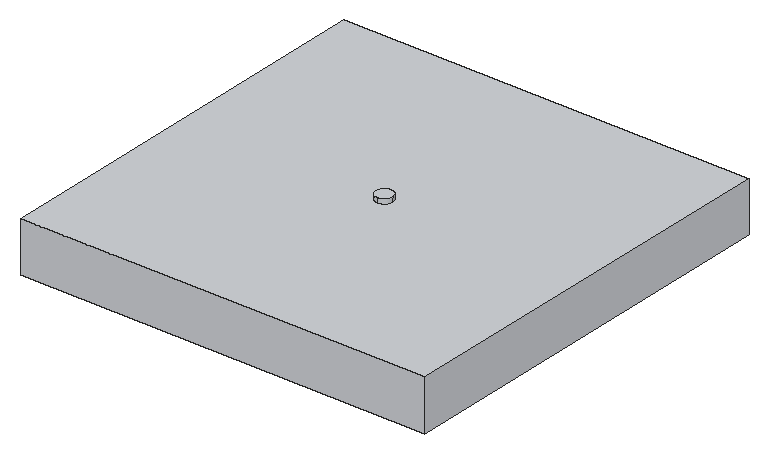
Revit family "M_Conector de tubulação - Outro - Equipamento mecânico", category Equipamento mecânico, Revit 2019
Family settings
  Hospedeiro = Face
  Cota do conector redondo = Usar raio
  Tipo de parte = Normal
  Número OmniClass = 23.65.00.00
  Título OmniClass = Supply and Distribution of Liquids and Gases
  ID de item do Seek = Pipe Connector - Other - Mechanical Equipment-0000-CAN-ENU
  Corte com vazios quando carregada = Não
  Compartilhado = Não
  Ponto de cálculo do ambiente = Não
Parameters (values of type "Padrão")
  Espessura [instance] = 25.4 mm
  Raio nominal [instance] = 50 mm
  Fluxo [instance] = 0.63 L/s
  Diâmetro nominal [instance] = Raio nominal * 2  # 100 mm
  Default Elevation = 0 mm
  Assembly Code = ""
Reference planes
  plane 1 "Centro (Frente/Trás)": y = 0
  plane 2: z = 0
  plane 3 "Centro (Esquerda/Direita)": x = 0
Forms (mm)
  Extrusion 1, solid
    sketch origin (0, 0, 0) x (1, 0, 0) y (0, 1, 0)
      loop
        line (-1219.2, 1219.2) -> (-1219.2, -1219.2) -> (1219.2, -1219.2) -> (1219.2, 1219.2) -> (-1219.2, 1219.2)
    from 0 to -304.8
  Sweep 2, solid
    path in 3D
      loop
        line (0, 0, 0) -> (0, 0, 25.4)
    profile "M_Duto - Redondo : Duto - Redondo" origin (0, 0, 12.7) x (0, -1, 0) y (1, 0, 0)
      loop
        arc (-50, 0) -> (-35.355, -35.355) -> (0, -50) r 50
        arc (0, -50) -> (35.355, -35.355) -> (50, 0) r 50
        arc (50, 0) -> (35.355, 35.355) -> (0, 50) r 50
        arc (0, 50) -> (-35.355, 35.355) -> (-50, 0) r 50
Lines and regions (mm)
  reference lines
    curve 1: line (0, 0, 0) -> (0, 0, 25.4)
  sketch lines
    curve 2: line (0, 0, 0) -> (0, 0, 25.4)
Dimensions and locks
  "Espessura": curve 1 to curve 1
  aligned and locked: plane 2 to Extrusion 1
  aligned and locked: level to Extrusion 1
  aligned and locked: Extrusion 1 to curve 1
  aligned and locked: curve 1 to plane 1 "Centro (Frente/Trás)"
Automatic sketch dimensions
  Extrusion 1 sketch curve to Extrusion 1 sketch curve = 2438.4 mm  (x2)
Connectors
  piping at (0, 0, 25.4), diameter 100, driven by "Fluxo", driven by "Raio nominal"
    settings: on Sweep 2, index 1, connector inside diameter 100 mm, connector length 0 mm, flow factor 0, pipe flow 0.63 L/s, pressure drop 0.0 Pa, fitting loss kfactor 0, connector angle 0.00°, fixture units 0, engagement length 0 mm, angle of deflection 0.00°, flow configuration 1, flow direction 2, fitting loss method 0, system type 22, joint type 0, gender type 0, connector reference index -1, connector utility 0, adjustable connector no, is connector primary yes, connector description ""
